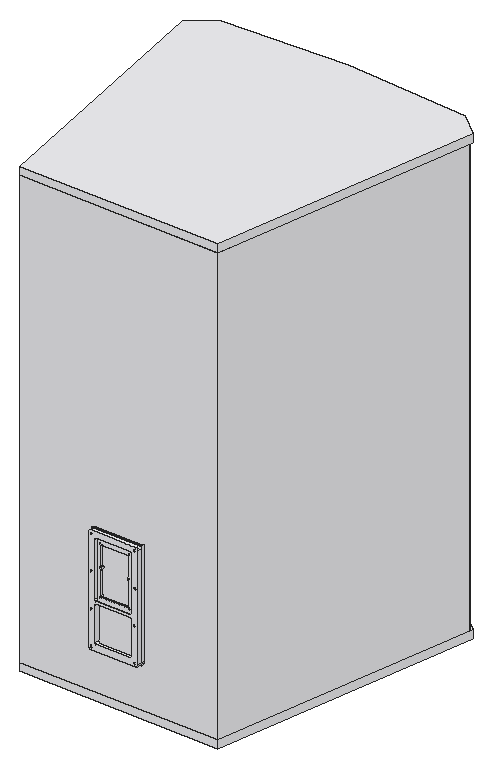
Revit family "EVC-1122-95", category Communication Devices, Revit 2017
Family settings
  Maintain Annotation Orientation = Yes
  Round Connector Dimension = Use Diameter
  Part Type = Normal
  OmniClass Number = 23.85.10.11.11.21
  OmniClass Title = Speakers
  Work Plane-Based = Yes
  Always vertical = Yes
  Cut with Voids When Loaded = No
  Shared = No
  Room Calculation Point = No
Parameters (values of type "EVC112295W_12"_Speaker_90x55_White")
  Uniclass2015Code = "Pr_60_75_08_02"
  URL = ""
  ProductInformation = "https://www.electrovoice.com/binary/EVC-1122-95_12__speaker_90x55_Datasheet_51_en_27960408331.pdf"
  PlanningTools = "https://www.electrovoice.com/product.php?id=2676"
  ModelNumber = "F.01U.329.286"
  Model = ""
  MaterialRALColour = "RAL9010"
  ManufacturerURL = "https://www.electrovoice.com"
  Manufacturer = "Electro Voice"
  LoudspeakerMaterial = 13-plyWeather-resistantBirchEVCoat -RAL9010
  Default Elevation = 0.00 mm
  Width = 395.10 mm  # constant formula
  InstallationManual = "https://www.electrovoice.com/binary/EVC-1122-95_12__speaker_90x55_Datasheet_51_en_27960408331.pdf"
  IfcExportType = "IfcBuildingElementProxyType"
  IfcExportAs = "IfcBuildingElementProxy"
  Length = 616.30 mm  # constant formula
  GrillMaterial = 16GA Powder-coatedGalvanneal - W
  Disclaimer = "http://resource.boschsecurity.com/information/BIM/Disclaimer_Electrovoice.pdf"
  Description = "12-inch, two-way loudspeaker, with 90˚ x 55˚ constant directivity, rotatable waveguide. Power rating: 300 W Continuous, (1200 Peak). Passive system: 95 dB, 126 dB maximum. Gland nut cover and stainless steel grille on PI versions. Optional high quality transformer and patented. Automatic Saturation Control (ASC) preserve low end in 70V/100V lines."
  Depth = 400.60 mm  # constant formula
  CTN = "EVC112295W"
  ArchitectsAndEngineersSpecs = "https://www.electrovoice.com/binary/EVC-1122-95_12__speaker_90x55_Datasheet_51_en_27960408331.pdf"
Reference planes
  plane 1 "Center (Front/Back)": y = 0
  plane 2: z = 0
  plane 3 "Center (Left/Right)": x = 0
Forms (mm)
  Extrusion 1, solid, material "13-plyWeather-resistantBirchEVCoat -RAL9010" <- "LoudspeakerMaterial"
    sketch origin (0.172, 9, 0) x (1, 0, 0) y (0, 1, 0)
      loop
        line (-197.722, 356.6) -> (-134.844, 0) -> (134.5, 0) -> (197.378, 356.6) -> (166.736, 382.312)
        arc (166.736, 382.312) -> (-0.172, 391.6) -> (-167.08, 382.312) r 1504.26
        line (-167.08, 382.312) -> (-197.722, 356.6)
    from 0 to 10
  Extrusion 2, solid, material "13-plyWeather-resistantBirchEVCoat -RAL9010" <- "LoudspeakerMaterial"
    sketch origin (0.172, 9, 0) x (1, 0, 0) y (0, 1, 0)
      loop
        line (-134.844, 0) -> (134.5, 0) -> (196.496, 351.6) -> (191.419, 351.6) -> (130.304, 5) -> (-130.648, 5) -> (-191.763, 351.6) -> (-196.84, 351.6) -> (-134.844, 0)
    from 10 to 606.3
  Extrusion 3, solid, material "16GA Powder-coatedGalvanneal - W" <- "GrillMaterial"
    sketch origin (0.172, 9, 0) x (1, 0, 0) y (0, 1, 0)
      loop
        line (-194.302, 351.6) -> (-191.763, 351.6) -> (-192.297, 354.625) -> (-165.025, 377.509)
        arc (-165.025, 377.509) -> (-0.172, 386.6) -> (164.681, 377.509) r 1499.26
        line (164.681, 377.509) -> (191.953, 354.625) -> (191.419, 351.6) -> (193.958, 351.6) -> (194.665, 355.613) -> (165.708, 379.911)
        arc (165.708, 379.911) -> (-0.172, 389.1) -> (-166.052, 379.911) r 1501.76
        line (-166.052, 379.911) -> (-195.009, 355.613) -> (-194.302, 351.6)
    from 5 to 611.3
  Extrusion 4, solid, material "13-plyWeather-resistantBirchEVCoat -RAL9010" <- "LoudspeakerMaterial"
    sketch origin (0.172, 9, 606.3) x (0, -1, 0) y (1, 0, 0)
      loop
        line (-356.6, -197.722) -> (0, -134.844) -> (0, 134.5) -> (-356.6, 197.378) -> (-382.312, 166.736)
        arc (-382.312, 166.736) -> (-391.6, -0.172) -> (-382.312, -167.08) r 1504.26
        line (-382.312, -167.08) -> (-356.6, -197.722)
    from 0 to 10
Dimensions and locks
  "Length": Extrusion 1 to Extrusion 4
  "Depth": plane 1 "Center (Front/Back)" to Extrusion 4
  equal spacing: Extrusion 4, plane 3 "Center (Left/Right)", Extrusion 4
  "Width": Extrusion 4 to Extrusion 4
  aligned and locked: plane 2 to level
Automatic sketch dimensions
  Extrusion 1 sketch curve to plane 3 "Center (Left/Right)" = 0.00 mm
  Extrusion 1 sketch curve to plane 1 "Center (Front/Back)" = 9.00 mm
  Extrusion 1 sketch curve to plane 3 "Center (Left/Right)" = 134.672 mm
  Extrusion 1 sketch curve to plane 3 "Center (Left/Right)" = 166.908 mm
  Extrusion 1 sketch curve to Extrusion 1 sketch curve = 30.642 mm  (x2)
  plane 3 "Center (Left/Right)" to Extrusion 1 sketch curve = 134.672 mm
  plane 3 "Center (Left/Right)" to Extrusion 1 sketch curve = 166.908 mm
  plane 1 "Center (Front/Back)" to Extrusion 1 sketch curve = 1103.66 mm
  Extrusion 1 sketch curve to Extrusion 1 sketch curve = 356.60 mm  (x2)
  Extrusion 1 sketch curve to Extrusion 1 sketch curve = 25.712 mm
  Extrusion 2 sketch curve to plane 3 "Center (Left/Right)" = 196.668 mm
  Extrusion 2 sketch curve to Extrusion 2 sketch curve = 5.077 mm  (x2)
  Extrusion 2 sketch curve to plane 1 "Center (Front/Back)" = 9.00 mm
  Extrusion 2 sketch curve to plane 3 "Center (Left/Right)" = 134.672 mm
  Extrusion 2 sketch curve to plane 1 "Center (Front/Back)" = 14.00 mm
  Extrusion 2 sketch curve to Extrusion 2 sketch curve = 4.195 mm  (x2)
  plane 3 "Center (Left/Right)" to Extrusion 2 sketch curve = 130.476 mm
  plane 3 "Center (Left/Right)" to Extrusion 2 sketch curve = 191.591 mm
  Extrusion 2 sketch curve to Extrusion 2 sketch curve = 346.60 mm  (x2)
  Extrusion 3 sketch curve to Extrusion 3 sketch curve = 0.00 mm  (x2)
  Extrusion 3 sketch curve to plane 3 "Center (Left/Right)" = 0.00 mm
  Extrusion 3 sketch curve to plane 3 "Center (Left/Right)" = 164.853 mm
  Extrusion 3 sketch curve to Extrusion 3 sketch curve = 1.027 mm  (x2)
  Extrusion 3 sketch curve to Extrusion 3 sketch curve = 26.738 mm  (x2)
  Extrusion 3 sketch curve to Extrusion 3 sketch curve = 0.533 mm  (x2)
  Extrusion 3 sketch curve to Extrusion 3 sketch curve = 2.539 mm  (x2)
  Extrusion 3 sketch curve to Extrusion 3 sketch curve = 2.713 mm  (x2)
  plane 3 "Center (Left/Right)" to Extrusion 3 sketch curve = 164.853 mm
  plane 1 "Center (Front/Back)" to Extrusion 3 sketch curve = 1103.66 mm
  Extrusion 3 sketch curve to plane 1 "Center (Front/Back)" = 360.60 mm  (x2)
  Extrusion 3 sketch curve to Extrusion 3 sketch curve = 3.025 mm  (x2)
  Extrusion 3 sketch curve to Extrusion 3 sketch curve = 0.987 mm  (x2)
  Extrusion 3 sketch curve to Extrusion 3 sketch curve = 22.884 mm
  Extrusion 3 sketch curve to Extrusion 3 sketch curve = 2.401 mm
  Extrusion 4 sketch curve to plane 3 "Center (Left/Right)" = 0.00 mm
  Extrusion 4 sketch curve to plane 1 "Center (Front/Back)" = 391.312 mm
  Extrusion 4 sketch curve to plane 3 "Center (Left/Right)" = 166.908 mm
  Extrusion 4 sketch curve to Extrusion 4 sketch curve = 0.00 mm
  Extrusion 4 sketch curve to Extrusion 4 sketch curve = 25.712 mm  (x2)
  Extrusion 4 sketch curve to plane 1 "Center (Front/Back)" = 9.00 mm
  plane 1 "Center (Front/Back)" to Extrusion 4 sketch curve = 1103.66 mm
  Extrusion 4 sketch curve to Extrusion 4 sketch curve = 30.642 mm  (x2)
  Extrusion 4 sketch curve to plane 3 "Center (Left/Right)" = 134.672 mm
  plane 3 "Center (Left/Right)" to Extrusion 4 sketch curve = 134.672 mm
Nested families
  nested 1: "2D_CabinetLoudspeaker" at (0, 0, 0) x (-1, 0, 0) z (0, 0, 1), type "LoudSpeaker"
    with Pan2D 0.00°
  nested 2: "InputPanel_small" at (-33.614, 10, 140) x (0, 0, -1) z (1, 0, 0), LoudspeakerMaterial <- "LoudspeakerMaterial", type "InputPanel_small"
    with LoudspeakerMaterial 13-plyWeather-resistantBirchEVCoat -RAL9010
  nested 3: "L-EV" at (0.172, 397.85, 95) x (-1, 0, 0) z (0, 0, 1), type "L-EV"
Connectors
  electrical at (-0.023, 5, 167.216)
    settings: on nested 2, index 1, voltage 0 V, apparent load 0 VA, apparent load phase1 0 VA, apparent load phase2 0 VA, apparent load phase3 0 VA, power factor 1, load classification "Other", number of poles 1, system type 31, power factor state 1, is connector primary yes, connector utility no, sub classification motor no, connector description ""
Definition of nested family "InputPanel_small"
  Parameters (values of type "InputPanel_small")
    Material = ""
    LoudspeakerMaterial [instance] = none
    Default Elevation = 1219.20 mm
  Reference planes
    plane 1 "Center (Front/Back)": y = 0
    plane 2: z = 0
    plane 3 "Center (Left/Right)": x = 0
  Forms (mm)
    Extrusion 1, solid, material <- "LoudspeakerMaterial", not visible
      sketch origin (-97.521, -0.5, 198.121) x (-1, 0, 0) y (0, 0, -1)
        loop
          arc (-169.642, 198.043) -> (-170.257, 197.789) -> (-170.511, 197.174) r 0.869
          line (-170.511, 197.174) -> (-170.511, 131.84)
          arc (-170.511, 131.84) -> (-170.257, 131.226) -> (-169.642, 130.971) r 0.869
          line (-169.642, 130.971) -> (-25.396, 130.971)
          arc (-25.396, 130.971) -> (-24.782, 131.226) -> (-24.527, 131.84) r 0.869
          line (-24.527, 131.84) -> (-24.527, 197.174)
          arc (-24.527, 197.174) -> (-24.782, 197.789) -> (-25.396, 198.043) r 0.869
          line (-25.396, 198.043) -> (-169.642, 198.043)
      from 0 to -0.5
    Extrusion 2, solid, material <- "LoudspeakerMaterial", detail levels medium+fine
      sketch origin (1.214, 0, 125.108) x (-1, 0, 0) y (0, 0, -1)
        loop
          line (70.917, 125.031) -> (-68.488, 125.031)
          arc (-68.488, 125.031) -> (-70.813, 124.068) -> (-71.776, 121.743) r 3.288
          line (-71.776, 121.743) -> (-71.776, 61.229)
          arc (-71.776, 61.229) -> (-70.921, 59.026) -> (-68.815, 57.959) r 3.288
          line (-68.815, 57.959) -> (70.925, 57.959)
          arc (70.925, 57.959) -> (73.25, 58.922) -> (74.212, 61.247) r 3.288
          line (74.212, 61.247) -> (74.205, 121.743)
          arc (74.205, 121.743) -> (73.242, 124.068) -> (70.917, 125.031) r 3.288
        loop
          line (-16.102, 116.673) -> (-61.46, 116.673)
          arc (-61.46, 116.673) -> (-63.304, 115.909) -> (-64.067, 114.066) r 2.607
          line (-64.067, 114.066) -> (-64.067, 69.267)
          arc (-64.067, 69.267) -> (-63.304, 67.424) -> (-61.46, 66.66) r 2.607
          line (-61.46, 66.66) -> (-16.102, 66.658)
          arc (-16.102, 66.658) -> (-14.259, 67.424) -> (-13.495, 69.267) r 2.607
          line (-13.495, 69.267) -> (-13.495, 114.066)
          arc (-13.495, 114.066) -> (-14.259, 115.909) -> (-16.102, 116.673) r 2.607
        loop
          line (64.151, 116.673) -> (-8.801, 116.673)
          arc (-8.801, 116.673) -> (-10.645, 115.909) -> (-11.408, 114.066) r 2.607
          line (-11.408, 114.066) -> (-11.408, 69.267)
          arc (-11.408, 69.267) -> (-10.645, 67.424) -> (-8.801, 66.66) r 2.607
          line (-8.801, 66.66) -> (64.151, 66.658)
          arc (64.151, 66.658) -> (65.994, 67.424) -> (66.758, 69.267) r 2.607
          line (66.758, 69.267) -> (66.758, 114.066)
          arc (66.758, 114.066) -> (65.994, 115.909) -> (64.151, 116.673) r 2.607
        loop
          circle (-67.83, 121.068) r 1.368
        loop
          circle (-21.853, 121.068) r 1.368
        loop
          circle (24.255, 121.068) r 1.368
        loop
          circle (69.993, 121.068) r 1.368
        loop
          circle (-67.961, 61.771) r 1.368
        loop
          circle (-21.984, 61.771) r 1.368
        loop
          circle (24.124, 61.771) r 1.368
        loop
          circle (69.862, 61.771) r 1.368
      from 0 to 10
    Extrusion 3, solid, material <- "LoudspeakerMaterial", detail levels fine
      sketch origin (25.655, 0, 118.331) x (-1, 0, 0) y (0, 0, -1)
        loop
          arc (15.45, 109.952) -> (13.605, 109.187) -> (12.84, 107.342) r 2.61
          line (12.84, 107.342) -> (12.84, 62.493)
          arc (12.84, 62.493) -> (13.606, 60.646) -> (15.45, 59.881) r 2.61
          line (15.45, 59.881) -> (88.485, 59.883)
          arc (88.485, 59.883) -> (90.33, 60.647) -> (91.094, 62.493) r 2.61
          line (91.094, 62.493) -> (91.094, 107.342)
          arc (91.094, 107.342) -> (90.33, 109.187) -> (88.485, 109.952) r 2.61
          line (88.485, 109.952) -> (15.45, 109.952)
        loop
          line (53.049, 104.094) -> (20.673, 104.09)
          arc (20.673, 104.09) -> (20.25, 103.216) -> (19.475, 102.633) r 2.061
          line (19.475, 102.633) -> (19.479, 66.839)
          arc (19.479, 66.839) -> (20.255, 66.255) -> (20.677, 65.382) r 2.061
          line (20.677, 65.382) -> (53.053, 65.386)
          arc (53.053, 65.386) -> (55.067, 67.012) -> (57.082, 65.386) r 2.061
          line (57.082, 65.386) -> (82.875, 65.389)
          arc (82.875, 65.389) -> (83.297, 66.263) -> (84.073, 66.847) r 2.061
          line (84.073, 66.847) -> (84.068, 102.641)
          arc (84.068, 102.641) -> (83.293, 103.224) -> (82.87, 104.098) r 2.061
          line (82.87, 104.098) -> (57.077, 104.095)
          arc (57.077, 104.095) -> (55.063, 102.469) -> (53.049, 104.094) r 2.061
        loop
          circle (55.063, 104.529) r 0.832
        loop
          circle (55.063, 64.893) r 0.832
        loop
          circle (84.767, 104.529) r 0.832
        loop
          circle (84.767, 64.893) r 0.832
        loop
          circle (18.835, 104.529) r 0.832
        loop
          circle (18.835, 64.893) r 0.832
      from 7.5 to 5
    Extrusion 4, solid, material <- "LoudspeakerMaterial"
      sketch origin (1.214, 0, 125.108) x (-1, 0, 0) y (0, 0, -1)
        loop
          line (-71.776, 125.031) -> (-71.776, 57.959) -> (74.213, 57.959) -> (74.205, 125.031) -> (-71.776, 125.031)
      from 0 to 4.337
  Lines and regions (mm)
    model lines, not visible
      curve 1: arc (59.415, -9.5, 70.232) -> (59.756, -9.5, 68.636) -> (60.858, -9.5, 67.432) r 3.109
      curve 2: arc (59.414, -9.5, 82.845) -> (59.754, -9.5, 81.249) -> (60.857, -9.5, 80.045) r 3.109
      curve 3: arc (59.417, -9.5, 63.926) -> (59.752, -9.5, 62.34) -> (60.84, -9.5, 61.139) r 3.108
      curve 4: arc (59.415, -9.5, 76.539) -> (59.75, -9.5, 74.953) -> (60.838, -9.5, 73.752) r 3.108
      curve 5: arc (60.711, -9.5, 72.945) -> (59.72, -9.5, 71.753) -> (59.414, -9.5, 70.232) r 3.166
      curve 6: arc (60.71, -9.5, 85.557) -> (59.718, -9.5, 84.365) -> (59.412, -9.5, 82.845) r 3.166
      curve 7: arc (60.712, -9.5, 66.637) -> (59.721, -9.5, 65.445) -> (59.415, -9.5, 63.926) r 3.165
      curve 8: arc (60.71, -9.5, 79.25) -> (59.72, -9.5, 78.058) -> (59.414, -9.5, 76.539) r 3.165
      curve 9: arc (59.062, -9.5, 76.539) -> (58.721, -9.5, 78.135) -> (57.618, -9.5, 79.339) r 3.109
      curve 10: arc (59.063, -9.5, 63.926) -> (58.723, -9.5, 65.522) -> (57.62, -9.5, 66.726) r 3.109
      curve 11: arc (59.06, -9.5, 82.845) -> (58.725, -9.5, 84.431) -> (57.637, -9.5, 85.632) r 3.108
      curve 12: arc (59.062, -9.5, 70.232) -> (58.726, -9.5, 71.818) -> (57.638, -9.5, 73.019) r 3.108
      curve 13: arc (57.765, -9.5, 73.826) -> (58.757, -9.5, 75.018) -> (59.063, -9.5, 76.539) r 3.166
      curve 14: arc (57.767, -9.5, 61.214) -> (58.758, -9.5, 62.406) -> (59.065, -9.5, 63.926) r 3.166
      curve 15: arc (57.765, -9.5, 80.134) -> (58.756, -9.5, 81.326) -> (59.062, -9.5, 82.845) r 3.165
      curve 16: arc (57.767, -9.5, 67.521) -> (58.757, -9.5, 68.713) -> (59.063, -9.5, 70.232) r 3.165
      curve 17: arc (62.678, -9.5, 67.687) -> (63.752, -9.5, 68.757) -> (64.103, -9.5, 70.233) r 2.775
      curve 18: arc (63.369, -9.5, 67.367) -> (64.444, -9.5, 68.62) -> (64.794, -9.5, 70.233) r 3.371
      curve 19: arc (62.678, -9.5, 67.687) -> (62.999, -9.5, 67.474) -> (63.369, -9.5, 67.367) r 1.273
      curve 20: arc (62.676, -9.5, 80.299) -> (63.75, -9.5, 81.37) -> (64.101, -9.5, 82.846) r 2.775
      curve 21: arc (63.368, -9.5, 79.98) -> (64.442, -9.5, 81.233) -> (64.793, -9.5, 82.846) r 3.371
      curve 22: arc (62.676, -9.5, 80.299) -> (62.998, -9.5, 80.087) -> (63.368, -9.5, 79.98) r 1.273
      curve 23: arc (62.679, -9.5, 61.381) -> (63.752, -9.5, 62.452) -> (64.103, -9.5, 63.927) r 2.774
      curve 24: arc (63.37, -9.5, 61.062) -> (64.444, -9.5, 62.315) -> (64.794, -9.5, 63.927) r 3.37
      curve 25: arc (62.679, -9.5, 61.381) -> (63, -9.5, 61.169) -> (63.37, -9.5, 61.062) r 1.273
      curve 26: arc (62.677, -9.5, 73.994) -> (63.751, -9.5, 75.064) -> (64.101, -9.5, 76.539) r 2.774
      curve 27: arc (63.369, -9.5, 73.675) -> (64.442, -9.5, 74.927) -> (64.793, -9.5, 76.539) r 3.37
      curve 28: arc (62.677, -9.5, 73.994) -> (62.998, -9.5, 73.781) -> (63.369, -9.5, 73.675) r 1.273
      curve 29: arc (64.103, -9.5, 70.233) -> (63.752, -9.5, 71.708) -> (62.677, -9.5, 72.779) r 2.775
      curve 30: arc (63.369, -9.5, 73.098) -> (62.999, -9.5, 72.992) -> (62.677, -9.5, 72.779) r 1.273
      curve 31: arc (64.794, -9.5, 70.233) -> (64.443, -9.5, 71.846) -> (63.369, -9.5, 73.098) r 3.371
      curve 32: arc (64.101, -9.5, 82.846) -> (63.75, -9.5, 84.321) -> (62.676, -9.5, 85.392) r 2.775
      curve 33: arc (63.367, -9.5, 85.711) -> (62.997, -9.5, 85.604) -> (62.676, -9.5, 85.392) r 1.273
      curve 34: arc (64.793, -9.5, 82.846) -> (64.442, -9.5, 84.458) -> (63.367, -9.5, 85.711) r 3.371
      curve 35: arc (64.103, -9.5, 63.927) -> (63.752, -9.5, 65.401) -> (62.678, -9.5, 66.472) r 2.774
      curve 36: arc (63.37, -9.5, 66.791) -> (62.999, -9.5, 66.684) -> (62.678, -9.5, 66.472) r 1.273
      curve 37: arc (64.794, -9.5, 63.927) -> (64.444, -9.5, 65.539) -> (63.37, -9.5, 66.791) r 3.37
      curve 38: arc (64.101, -9.5, 76.539) -> (63.75, -9.5, 78.014) -> (62.676, -9.5, 79.084) r 2.774
      curve 39: arc (63.368, -9.5, 79.404) -> (62.998, -9.5, 79.297) -> (62.676, -9.5, 79.084) r 1.273
      curve 40: arc (64.793, -9.5, 76.539) -> (64.442, -9.5, 78.151) -> (63.368, -9.5, 79.404) r 3.37
      curve 41: arc (59.627, -9.5, 63.926) -> (59.978, -9.5, 62.451) -> (61.052, -9.5, 61.381) r 2.774
      curve 42: arc (61.051, -9.5, 66.471) -> (59.977, -9.5, 65.401) -> (59.627, -9.5, 63.926) r 2.774
      curve 43: arc (59.625, -9.5, 70.232) -> (59.976, -9.5, 68.757) -> (61.051, -9.5, 67.686) r 2.775
      curve 44: arc (61.05, -9.5, 72.779) -> (59.976, -9.5, 71.708) -> (59.625, -9.5, 70.232) r 2.775
      curve 45: arc (59.625, -9.5, 76.539) -> (59.976, -9.5, 75.064) -> (61.05, -9.5, 73.994) r 2.774
      curve 46: arc (61.049, -9.5, 79.084) -> (59.976, -9.5, 78.014) -> (59.625, -9.5, 76.539) r 2.774
      curve 47: arc (59.624, -9.5, 82.845) -> (59.975, -9.5, 81.37) -> (61.049, -9.5, 80.299) r 2.775
      curve 48: arc (61.049, -9.5, 85.391) -> (59.975, -9.5, 84.321) -> (59.624, -9.5, 82.845) r 2.775
      curve 49: arc (65.487, -9.5, 67.368) -> (66.537, -9.5, 68.57) -> (66.91, -9.5, 70.123) r 3.348
      curve 50: arc (65.485, -9.5, 79.98) -> (66.535, -9.5, 81.183) -> (66.909, -9.5, 82.735) r 3.348
      curve 51: arc (66.91, -9.5, 70.344) -> (66.536, -9.5, 71.896) -> (65.486, -9.5, 73.099) r 3.348
      curve 52: arc (66.909, -9.5, 82.956) -> (66.535, -9.5, 84.509) -> (65.485, -9.5, 85.711) r 3.348
      curve 53: arc (65.488, -9.5, 61.062) -> (66.543, -9.5, 62.278) -> (66.911, -9.5, 63.846) r 3.353
      curve 54: arc (65.486, -9.5, 73.675) -> (66.542, -9.5, 74.891) -> (66.909, -9.5, 76.458) r 3.353
      curve 55: arc (66.911, -9.5, 64.008) -> (66.543, -9.5, 65.576) -> (65.487, -9.5, 66.791) r 3.353
      curve 56: arc (66.909, -9.5, 76.621) -> (66.542, -9.5, 78.189) -> (65.485, -9.5, 79.404) r 3.353
      curve 57: arc (61.368, -9.5, 70.233) -> (61.701, -9.5, 68.86) -> (62.728, -9.5, 67.892) r 2.482
      curve 58: arc (61.369, -9.5, 63.926) -> (61.702, -9.5, 62.554) -> (62.729, -9.5, 61.585) r 2.482
      curve 59: arc (61.777, -9.5, 65.419) -> (61.47, -9.5, 64.701) -> (61.369, -9.5, 63.926) r 2.857
      curve 60: arc (62.453, -9.5, 65.577) -> (62.398, -9.5, 65.499) -> (62.347, -9.5, 65.419) r 2.446
      curve 61: arc (61.777, -9.5, 71.725) -> (61.469, -9.5, 71.007) -> (61.368, -9.5, 70.233) r 2.857
      curve 62: arc (62.452, -9.5, 71.883) -> (62.398, -9.5, 71.805) -> (62.346, -9.5, 71.725) r 2.446
      curve 63: arc (61.367, -9.5, 76.539) -> (61.7, -9.5, 75.167) -> (62.727, -9.5, 74.198) r 2.482
      curve 64: arc (61.367, -9.5, 82.845) -> (61.699, -9.5, 81.473) -> (62.727, -9.5, 80.504) r 2.482
      curve 65: arc (61.776, -9.5, 78.031) -> (61.469, -9.5, 77.313) -> (61.367, -9.5, 76.539) r 2.857
      curve 66: arc (62.452, -9.5, 78.19) -> (62.397, -9.5, 78.112) -> (62.345, -9.5, 78.032) r 2.446
      curve 67: arc (61.775, -9.5, 84.338) -> (61.468, -9.5, 83.62) -> (61.367, -9.5, 82.845) r 2.857
      curve 68: arc (62.451, -9.5, 84.496) -> (62.396, -9.5, 84.418) -> (62.345, -9.5, 84.338) r 2.446
      curve 69: arc (55.799, -9.5, 79.084) -> (54.725, -9.5, 78.014) -> (54.374, -9.5, 76.538) r 2.775
      curve 70: arc (55.107, -9.5, 79.404) -> (54.033, -9.5, 78.151) -> (53.682, -9.5, 76.538) r 3.371
      curve 71: arc (55.799, -9.5, 79.084) -> (55.478, -9.5, 79.297) -> (55.107, -9.5, 79.404) r 1.273
      curve 72: arc (55.8, -9.5, 66.472) -> (54.726, -9.5, 65.401) -> (54.376, -9.5, 63.925) r 2.775
      curve 73: arc (55.109, -9.5, 66.791) -> (54.035, -9.5, 65.538) -> (53.684, -9.5, 63.925) r 3.371
      curve 74: arc (55.8, -9.5, 66.472) -> (55.479, -9.5, 66.684) -> (55.109, -9.5, 66.791) r 1.273
      curve 75: arc (55.798, -9.5, 85.39) -> (54.725, -9.5, 84.319) -> (54.374, -9.5, 82.844) r 2.774
      curve 76: arc (55.107, -9.5, 85.709) -> (54.033, -9.5, 84.456) -> (53.682, -9.5, 82.844) r 3.37
      curve 77: arc (55.798, -9.5, 85.39) -> (55.477, -9.5, 85.602) -> (55.107, -9.5, 85.709) r 1.273
      curve 78: arc (55.8, -9.5, 72.777) -> (54.726, -9.5, 71.707) -> (54.376, -9.5, 70.232) r 2.774
      curve 79: arc (55.108, -9.5, 73.096) -> (54.034, -9.5, 71.844) -> (53.684, -9.5, 70.232) r 3.37
      curve 80: arc (55.8, -9.5, 72.777) -> (55.478, -9.5, 72.99) -> (55.108, -9.5, 73.096) r 1.273
      curve 81: arc (54.374, -9.5, 76.538) -> (54.725, -9.5, 75.063) -> (55.8, -9.5, 73.992) r 2.775
      curve 82: arc (55.108, -9.5, 73.673) -> (55.478, -9.5, 73.779) -> (55.8, -9.5, 73.992) r 1.273
      curve 83: arc (53.682, -9.5, 76.538) -> (54.033, -9.5, 74.925) -> (55.108, -9.5, 73.673) r 3.371
      curve 84: arc (54.376, -9.5, 63.925) -> (54.727, -9.5, 62.45) -> (55.801, -9.5, 61.379) r 2.775
      curve 85: arc (55.11, -9.5, 61.06) -> (55.48, -9.5, 61.167) -> (55.801, -9.5, 61.379) r 1.273
      curve 86: arc (53.684, -9.5, 63.925) -> (54.035, -9.5, 62.313) -> (55.11, -9.5, 61.06) r 3.371
      curve 87: arc (54.374, -9.5, 82.844) -> (54.725, -9.5, 81.369) -> (55.799, -9.5, 80.299) r 2.774
      curve 88: arc (55.107, -9.5, 79.98) -> (55.477, -9.5, 80.087) -> (55.799, -9.5, 80.299) r 1.273
      curve 89: arc (53.682, -9.5, 82.844) -> (54.033, -9.5, 81.232) -> (55.107, -9.5, 79.98) r 3.37
      curve 90: arc (54.376, -9.5, 70.232) -> (54.726, -9.5, 68.757) -> (55.8, -9.5, 67.687) r 2.774
      curve 91: arc (55.109, -9.5, 67.367) -> (55.479, -9.5, 67.474) -> (55.8, -9.5, 67.687) r 1.273
      curve 92: arc (53.684, -9.5, 70.232) -> (54.035, -9.5, 68.62) -> (55.109, -9.5, 67.367) r 3.37
      curve 93: arc (58.85, -9.5, 82.845) -> (58.499, -9.5, 84.32) -> (57.425, -9.5, 85.39) r 2.774
      curve 94: arc (57.426, -9.5, 80.3) -> (58.499, -9.5, 81.37) -> (58.85, -9.5, 82.845) r 2.774
      curve 95: arc (58.851, -9.5, 76.539) -> (58.5, -9.5, 78.014) -> (57.426, -9.5, 79.085) r 2.775
      curve 96: arc (57.427, -9.5, 73.992) -> (58.501, -9.5, 75.063) -> (58.851, -9.5, 76.539) r 2.775
      curve 97: arc (58.852, -9.5, 70.232) -> (58.501, -9.5, 71.707) -> (57.427, -9.5, 72.777) r 2.774
      curve 98: arc (57.427, -9.5, 67.687) -> (58.501, -9.5, 68.757) -> (58.852, -9.5, 70.232) r 2.774
      curve 99: arc (58.853, -9.5, 63.926) -> (58.502, -9.5, 65.401) -> (57.428, -9.5, 66.472) r 2.775
      curve 100: arc (57.428, -9.5, 61.38) -> (58.502, -9.5, 62.45) -> (58.853, -9.5, 63.926) r 2.775
      curve 101: arc (52.99, -9.5, 79.403) -> (51.94, -9.5, 78.2) -> (51.567, -9.5, 76.648) r 3.348
      curve 102: arc (52.991, -9.5, 66.791) -> (51.942, -9.5, 65.588) -> (51.568, -9.5, 64.036) r 3.348
      curve 103: arc (51.567, -9.5, 76.427) -> (51.94, -9.5, 74.875) -> (52.991, -9.5, 73.672) r 3.348
      curve 104: arc (51.568, -9.5, 63.815) -> (51.942, -9.5, 62.262) -> (52.992, -9.5, 61.06) r 3.348
      curve 105: arc (52.989, -9.5, 85.709) -> (51.933, -9.5, 84.493) -> (51.566, -9.5, 82.925) r 3.353
      curve 106: arc (52.991, -9.5, 73.096) -> (51.935, -9.5, 71.88) -> (51.567, -9.5, 70.313) r 3.353
      curve 107: arc (51.566, -9.5, 82.763) -> (51.934, -9.5, 81.195) -> (52.99, -9.5, 79.98) r 3.353
      curve 108: arc (51.567, -9.5, 70.15) -> (51.935, -9.5, 68.582) -> (52.991, -9.5, 67.367) r 3.353
      curve 109: arc (57.108, -9.5, 82.845) -> (56.775, -9.5, 84.217) -> (55.748, -9.5, 85.186) r 2.482
      curve 110: arc (57.109, -9.5, 76.538) -> (56.776, -9.5, 77.911) -> (55.749, -9.5, 78.879) r 2.482
      curve 111: arc (56.7, -9.5, 75.046) -> (57.007, -9.5, 75.764) -> (57.109, -9.5, 76.538) r 2.857
      curve 112: arc (56.024, -9.5, 74.888) -> (56.079, -9.5, 74.966) -> (56.131, -9.5, 75.046) r 2.446
      curve 113: arc (56.699, -9.5, 81.352) -> (57.007, -9.5, 82.07) -> (57.108, -9.5, 82.845) r 2.857
      curve 114: arc (56.024, -9.5, 81.194) -> (56.078, -9.5, 81.272) -> (56.13, -9.5, 81.352) r 2.446
      curve 115: arc (57.109, -9.5, 70.232) -> (56.777, -9.5, 71.604) -> (55.749, -9.5, 72.573) r 2.482
      curve 116: arc (57.11, -9.5, 63.926) -> (56.777, -9.5, 65.298) -> (55.75, -9.5, 66.267) r 2.482
      curve 117: arc (56.702, -9.5, 62.433) -> (57.009, -9.5, 63.151) -> (57.11, -9.5, 63.926) r 2.857
      curve 118: arc (56.026, -9.5, 62.275) -> (56.081, -9.5, 62.353) -> (56.132, -9.5, 62.433) r 2.446
      curve 119: arc (56.701, -9.5, 68.739) -> (57.008, -9.5, 69.458) -> (57.109, -9.5, 70.232) r 2.857
      curve 120: arc (56.025, -9.5, 68.581) -> (56.08, -9.5, 68.659) -> (56.131, -9.5, 68.739) r 2.446
      curve 121: spline (77.962, -9.5, 59.963) -> (78.093, -9.5, 59.972) -> (78.223, -9.5, 59.998) -> (78.348, -9.5, 60.04) -> (78.466, -9.5, 60.099) -> (78.576, -9.5, 60.172) -> (78.675, -9.5, 60.259) -> (78.762, -9.5, 60.358) -> (78.835, -9.5, 60.468) -> (78.894, -9.5, 60.586) -> (78.936, -9.5, 60.711) -> (78.962, -9.5, 60.841) -> (78.97, -9.5, 60.972)
      curve 122: spline (78.967, -9.5, 85.803) -> (78.959, -9.5, 85.935) -> (78.933, -9.5, 86.065) -> (78.891, -9.5, 86.19) -> (78.832, -9.5, 86.308) -> (78.759, -9.5, 86.418) -> (78.672, -9.5, 86.517) -> (78.573, -9.5, 86.604) -> (78.463, -9.5, 86.677) -> (78.344, -9.5, 86.735) -> (78.22, -9.5, 86.778) -> (78.09, -9.5, 86.804) -> (77.958, -9.5, 86.812)
      curve 123: spline (40.515, -9.5, 86.808) -> (40.383, -9.5, 86.799) -> (40.254, -9.5, 86.773) -> (40.129, -9.5, 86.731) -> (40.01, -9.5, 86.672) -> (39.901, -9.5, 86.599) -> (39.801, -9.5, 86.512) -> (39.714, -9.5, 86.413) -> (39.641, -9.5, 86.303) -> (39.583, -9.5, 86.185) -> (39.54, -9.5, 86.06) -> (39.515, -9.5, 85.93) -> (39.506, -9.5, 85.799)
      curve 124: spline (39.509, -9.5, 60.97) -> (39.517, -9.5, 60.838) -> (39.543, -9.5, 60.708) -> (39.585, -9.5, 60.583) -> (39.643, -9.5, 60.464) -> (39.717, -9.5, 60.354) -> (39.804, -9.5, 60.255) -> (39.903, -9.5, 60.168) -> (40.013, -9.5, 60.094) -> (40.131, -9.5, 60.036) -> (40.256, -9.5, 59.993) -> (40.386, -9.5, 59.967) -> (40.518, -9.5, 59.959)
      curve 125: spline (40.57, -9.5, 86.753) -> (40.438, -9.5, 86.744) -> (40.309, -9.5, 86.718) -> (40.184, -9.5, 86.676) -> (40.065, -9.5, 86.617) -> (39.956, -9.5, 86.544) -> (39.856, -9.5, 86.457) -> (39.769, -9.5, 86.358) -> (39.696, -9.5, 86.248) -> (39.638, -9.5, 86.13) -> (39.595, -9.5, 86.005) -> (39.57, -9.5, 85.875) -> (39.561, -9.5, 85.744)
      curve 126: spline (39.564, -9.5, 61.023) -> (39.573, -9.5, 60.891) -> (39.598, -9.5, 60.761) -> (39.641, -9.5, 60.636) -> (39.699, -9.5, 60.518) -> (39.773, -9.5, 60.408) -> (39.86, -9.5, 60.309) -> (39.959, -9.5, 60.222) -> (40.069, -9.5, 60.149) -> (40.187, -9.5, 60.091) -> (40.312, -9.5, 60.048) -> (40.441, -9.5, 60.022) -> (40.573, -9.5, 60.014)
      curve 127: spline (78.912, -9.5, 85.748) -> (78.904, -9.5, 85.88) -> (78.878, -9.5, 86.01) -> (78.835, -9.5, 86.134) -> (78.777, -9.5, 86.253) -> (78.704, -9.5, 86.363) -> (78.617, -9.5, 86.462) -> (78.518, -9.5, 86.549) -> (78.408, -9.5, 86.622) -> (78.289, -9.5, 86.68) -> (78.164, -9.5, 86.723) -> (78.035, -9.5, 86.749) -> (77.903, -9.5, 86.757)
      curve 128: spline (77.907, -9.5, 60.018) -> (78.038, -9.5, 60.027) -> (78.168, -9.5, 60.053) -> (78.293, -9.5, 60.095) -> (78.411, -9.5, 60.154) -> (78.521, -9.5, 60.227) -> (78.62, -9.5, 60.314) -> (78.707, -9.5, 60.413) -> (78.78, -9.5, 60.523) -> (78.839, -9.5, 60.641) -> (78.881, -9.5, 60.766) -> (78.907, -9.5, 60.896) -> (78.915, -9.5, 61.027)
      curve 129: line (63.979, -9.5, 70.233) -> (63.818, -9.5, 71.221)
      curve 130: line (63.818, -9.5, 71.221) -> (63.359, -9.5, 72.059)
      curve 131: line (63.359, -9.5, 72.059) -> (62.673, -9.5, 72.618)
      curve 132: line (62.673, -9.5, 72.618) -> (61.864, -9.5, 72.815)
      curve 133: line (61.864, -9.5, 72.815) -> (61.054, -9.5, 72.618)
      curve 134: line (61.054, -9.5, 72.618) -> (60.368, -9.5, 72.058)
      curve 135: line (60.368, -9.5, 72.058) -> (59.91, -9.5, 71.221)
      curve 136: line (59.91, -9.5, 71.221) -> (59.749, -9.5, 70.232)
      curve 137: line (59.749, -9.5, 70.232) -> (59.91, -9.5, 69.244)
      curve 138: line (59.91, -9.5, 69.244) -> (60.369, -9.5, 68.407)
      curve 139: line (60.369, -9.5, 68.407) -> (61.055, -9.5, 67.847)
      curve 140: line (61.055, -9.5, 67.847) -> (61.864, -9.5, 67.651)
      curve 141: line (61.864, -9.5, 67.651) -> (62.674, -9.5, 67.847)
      curve 142: line (62.674, -9.5, 67.847) -> (63.36, -9.5, 68.407)
      curve 143: line (63.36, -9.5, 68.407) -> (63.815, -9.5, 69.238)
      curve 144: line (63.818, -9.5, 69.245) -> (64.103, -9.5, 70.233)
      curve 145: line (64.103, -9.5, 70.233) -> (64.794, -9.5, 70.233)
      curve 146: line (64.794, -9.5, 70.233) -> (66.912, -9.5, 70.233)
      curve 147: line (66.912, -9.5, 70.233) -> (66.911, -9.5, 64.008)
      curve 148: line (63.978, -9.5, 82.846) -> (63.817, -9.5, 83.834)
      curve 149: line (63.817, -9.5, 83.834) -> (63.358, -9.5, 84.671)
      curve 150: line (63.358, -9.5, 84.671) -> (62.672, -9.5, 85.231)
      curve 151: line (62.672, -9.5, 85.231) -> (61.862, -9.5, 85.427)
      curve 152: line (61.862, -9.5, 85.427) -> (61.053, -9.5, 85.231)
      curve 153: line (61.053, -9.5, 85.231) -> (60.367, -9.5, 84.671)
      curve 154: line (60.367, -9.5, 84.671) -> (59.908, -9.5, 83.833)
      curve 155: line (59.908, -9.5, 83.833) -> (59.747, -9.5, 82.845)
      curve 156: line (59.747, -9.5, 82.845) -> (59.908, -9.5, 81.857)
      curve 157: line (59.908, -9.5, 81.857) -> (60.367, -9.5, 81.019)
      curve 158: line (60.367, -9.5, 81.019) -> (61.053, -9.5, 80.46)
      curve 159: line (61.053, -9.5, 80.46) -> (61.863, -9.5, 80.263)
      curve 160: line (61.863, -9.5, 80.263) -> (62.672, -9.5, 80.46)
      curve 161: line (62.672, -9.5, 80.46) -> (63.358, -9.5, 81.02)
      curve 162: line (63.358, -9.5, 81.02) -> (63.813, -9.5, 81.851)
      curve 163: line (63.817, -9.5, 81.857) -> (64.101, -9.5, 82.846)
      curve 164: line (64.101, -9.5, 82.846) -> (64.793, -9.5, 82.846)
      curve 165: line (64.793, -9.5, 82.846) -> (66.91, -9.5, 82.846)
      curve 166: line (66.91, -9.5, 82.846) -> (66.909, -9.5, 76.621)
      curve 167: line (63.98, -9.5, 63.927) -> (63.819, -9.5, 64.915)
      curve 168: line (63.819, -9.5, 64.915) -> (63.36, -9.5, 65.752)
      curve 169: line (63.36, -9.5, 65.752) -> (62.674, -9.5, 66.312)
      curve 170: line (62.674, -9.5, 66.312) -> (61.864, -9.5, 66.508)
      curve 171: line (61.864, -9.5, 66.508) -> (61.055, -9.5, 66.312)
      curve 172: line (61.055, -9.5, 66.312) -> (60.369, -9.5, 65.752)
      curve 173: line (60.369, -9.5, 65.752) -> (59.911, -9.5, 64.914)
      curve 174: line (59.911, -9.5, 64.914) -> (59.75, -9.5, 63.926)
      curve 175: line (59.75, -9.5, 63.926) -> (59.911, -9.5, 62.938)
      curve 176: line (59.911, -9.5, 62.938) -> (60.369, -9.5, 62.1)
      curve 177: line (60.369, -9.5, 62.1) -> (61.056, -9.5, 61.541)
      curve 178: line (61.056, -9.5, 61.541) -> (61.865, -9.5, 61.344)
      curve 179: line (61.865, -9.5, 61.344) -> (62.675, -9.5, 61.541)
      curve 180: line (62.675, -9.5, 61.541) -> (63.361, -9.5, 62.101)
      curve 181: line (63.361, -9.5, 62.101) -> (63.815, -9.5, 62.932)
      curve 182: line (63.819, -9.5, 62.938) -> (64.103, -9.5, 63.927)
      curve 183: line (64.103, -9.5, 63.927) -> (64.794, -9.5, 63.927)
      curve 184: line (64.794, -9.5, 63.927) -> (66.912, -9.5, 63.927)
      curve 185: line (66.912, -9.5, 63.927) -> (66.911, -9.5, 60.774)
      curve 186: line (66.911, -9.5, 60.774) -> (65.488, -9.5, 60.774)
      curve 187: line (65.488, -9.5, 60.774) -> (68.6, -9.5, 60.646)
      curve 188: line (68.6, -9.5, 60.646) -> (68.722, -9.5, 60.469)
      curve 189: line (68.722, -9.5, 60.469) -> (65.589, -9.5, 60.469)
      curve 190: line (65.589, -9.5, 60.469) -> (65.467, -9.5, 60.646)
      curve 191: line (63.978, -9.5, 76.539) -> (63.817, -9.5, 77.527)
      curve 192: line (63.817, -9.5, 77.527) -> (63.359, -9.5, 78.365)
      curve 193: line (63.359, -9.5, 78.365) -> (62.672, -9.5, 78.925)
      curve 194: line (62.672, -9.5, 78.925) -> (61.863, -9.5, 79.121)
      curve 195: line (61.863, -9.5, 79.121) -> (61.054, -9.5, 78.924)
      curve 196: line (61.054, -9.5, 78.924) -> (60.367, -9.5, 78.365)
      curve 197: line (60.367, -9.5, 78.365) -> (59.909, -9.5, 77.527)
      curve 198: line (59.909, -9.5, 77.527) -> (59.748, -9.5, 76.539)
      curve 199: line (59.748, -9.5, 76.539) -> (59.909, -9.5, 75.551)
      curve 200: line (59.909, -9.5, 75.551) -> (60.368, -9.5, 74.713)
      curve 201: line (60.368, -9.5, 74.713) -> (61.054, -9.5, 74.153)
      curve 202: line (61.054, -9.5, 74.153) -> (61.864, -9.5, 73.957)
      curve 203: line (61.864, -9.5, 73.957) -> (62.673, -9.5, 74.153)
      curve 204: line (62.673, -9.5, 74.153) -> (63.359, -9.5, 74.713)
      curve 205: line (63.359, -9.5, 74.713) -> (63.814, -9.5, 75.544)
      curve 206: line (63.818, -9.5, 75.551) -> (64.101, -9.5, 76.539)
      curve 207: line (64.101, -9.5, 76.539) -> (64.793, -9.5, 76.539)
      curve 208: line (64.793, -9.5, 76.539) -> (66.91, -9.5, 76.54)
      curve 209: line (66.91, -9.5, 76.54) -> (66.91, -9.5, 70.344)
      curve 210: line (61.049, -9.5, 85.998) -> (60.837, -9.5, 85.998)
      curve 211: line (60.837, -9.5, 85.998) -> (60.837, -9.5, 85.655)
      curve 212: line (60.916, -9.5, 85.517) -> (61.049, -9.5, 85.391)
      curve 213: line (61.049, -9.5, 85.391) -> (61.049, -9.5, 85.998)
      curve 214: line (61.049, -9.5, 85.998) -> (62.676, -9.5, 85.999)
      curve 215: line (62.676, -9.5, 85.999) -> (62.676, -9.5, 85.392)
      curve 216: line (62.676, -9.5, 79.084) -> (62.676, -9.5, 80.299)
      curve 217: line (62.677, -9.5, 72.779) -> (62.677, -9.5, 73.994)
      curve 218: line (62.678, -9.5, 66.472) -> (62.678, -9.5, 67.687)
      curve 219: line (61.052, -9.5, 60.773) -> (60.84, -9.5, 60.773)
      curve 220: line (60.84, -9.5, 60.773) -> (60.84, -9.5, 61.139)
      curve 221: line (60.918, -9.5, 61.255) -> (61.052, -9.5, 61.381)
      curve 222: line (61.052, -9.5, 61.381) -> (61.052, -9.5, 60.773)
      curve 223: line (61.052, -9.5, 60.773) -> (62.679, -9.5, 60.773)
      curve 224: line (62.679, -9.5, 60.773) -> (62.679, -9.5, 61.381)
      curve 225: line (60.839, -9.5, 66.735) -> (60.842, -9.5, 67.413)
      curve 226: line (60.918, -9.5, 67.56) -> (61.051, -9.5, 67.686)
      curve 227: line (61.051, -9.5, 67.686) -> (61.051, -9.5, 66.471)
      curve 228: line (61.051, -9.5, 66.471) -> (60.918, -9.5, 66.598)
      curve 229: line (61.05, -9.5, 72.779) -> (61.05, -9.5, 73.994)
      curve 230: line (61.05, -9.5, 73.994) -> (60.917, -9.5, 73.867)
      curve 231: line (60.838, -9.5, 73.752) -> (60.838, -9.5, 73.043)
      curve 232: line (60.917, -9.5, 72.905) -> (61.05, -9.5, 72.779)
      curve 233: line (60.838, -9.5, 79.348) -> (60.841, -9.5, 80.026)
      curve 234: line (60.916, -9.5, 80.173) -> (61.049, -9.5, 80.299)
      curve 235: line (61.049, -9.5, 80.299) -> (61.049, -9.5, 79.084)
      curve 236: line (61.049, -9.5, 79.084) -> (60.916, -9.5, 79.21)
      curve 237: line (65.486, -9.5, 73.675) -> (63.369, -9.5, 73.675)
      curve 238: line (63.369, -9.5, 73.675) -> (63.369, -9.5, 73.098)
      curve 239: line (63.369, -9.5, 73.098) -> (65.486, -9.5, 73.099)
      curve 240: line (65.486, -9.5, 73.099) -> (65.486, -9.5, 73.675)
      curve 241: line (65.487, -9.5, 67.368) -> (65.487, -9.5, 66.791)
      curve 242: line (65.487, -9.5, 66.791) -> (63.37, -9.5, 66.791)
      curve 243: line (63.37, -9.5, 66.791) -> (63.369, -9.5, 67.367)
      curve 244: line (63.369, -9.5, 67.367) -> (65.487, -9.5, 67.368)
      curve 245: line (65.485, -9.5, 79.98) -> (65.485, -9.5, 79.404)
      curve 246: line (65.485, -9.5, 79.404) -> (63.368, -9.5, 79.404)
      curve 247: line (63.368, -9.5, 79.404) -> (63.368, -9.5, 79.98)
      curve 248: line (63.368, -9.5, 79.98) -> (65.485, -9.5, 79.98)
      curve 249: line (63.37, -9.5, 60.773) -> (65.488, -9.5, 60.774)
      curve 250: line (65.488, -9.5, 60.774) -> (65.488, -9.5, 61.062)
      curve 251: line (65.488, -9.5, 61.062) -> (63.37, -9.5, 61.062)
      curve 252: line (63.37, -9.5, 61.062) -> (63.37, -9.5, 60.773)
      curve 253: line (63.37, -9.5, 60.773) -> (62.679, -9.5, 60.773)
      curve 254: line (62.676, -9.5, 85.999) -> (63.367, -9.5, 85.999)
      curve 255: line (63.367, -9.5, 85.999) -> (63.367, -9.5, 85.711)
      curve 256: line (63.367, -9.5, 85.711) -> (65.485, -9.5, 85.711)
      curve 257: line (65.485, -9.5, 85.711) -> (65.485, -9.5, 85.999)
      curve 258: line (65.485, -9.5, 85.999) -> (63.367, -9.5, 85.999)
      curve 259: line (63.973, -9.5, 63.722) -> (62.18, -9.5, 65.91)
      curve 260: line (62.18, -9.5, 65.91) -> (62.671, -9.5, 66.243)
      curve 261: line (63.973, -9.5, 70.028) -> (62.179, -9.5, 72.217)
      curve 262: line (62.179, -9.5, 72.217) -> (62.67, -9.5, 72.549)
      curve 263: line (63.946, -9.5, 63.467) -> (62.347, -9.5, 65.419)
      curve 264: line (62.347, -9.5, 65.419) -> (61.777, -9.5, 65.419)
      curve 265: line (61.777, -9.5, 65.419) -> (63.815, -9.5, 62.932)
      curve 266: line (63.945, -9.5, 69.773) -> (62.346, -9.5, 71.725)
      curve 267: line (62.346, -9.5, 71.725) -> (61.777, -9.5, 71.725)
      curve 268: line (61.777, -9.5, 71.725) -> (63.815, -9.5, 69.238)
      curve 269: line (63.945, -9.5, 76.08) -> (62.345, -9.5, 78.032)
      curve 270: line (62.345, -9.5, 78.032) -> (61.776, -9.5, 78.031)
      curve 271: line (61.776, -9.5, 78.031) -> (63.814, -9.5, 75.544)
      curve 272: line (63.972, -9.5, 76.334) -> (62.178, -9.5, 78.523)
      curve 273: line (62.178, -9.5, 78.523) -> (62.669, -9.5, 78.856)
      curve 274: line (63.971, -9.5, 82.641) -> (62.178, -9.5, 84.829)
      curve 275: line (62.178, -9.5, 84.829) -> (62.669, -9.5, 85.162)
      curve 276: line (63.944, -9.5, 82.386) -> (62.345, -9.5, 84.338)
      curve 277: line (62.345, -9.5, 84.338) -> (61.775, -9.5, 84.338)
      curve 278: line (61.775, -9.5, 84.338) -> (63.813, -9.5, 81.851)
      curve 279: line (66.909, -9.5, 82.956) -> (66.908, -9.5, 85.999)
      curve 280: line (66.908, -9.5, 85.999) -> (72.332, -9.5, 86)
      curve 281: line (72.332, -9.5, 86) -> (72.335, -9.5, 60.774)
      curve 282: line (72.335, -9.5, 60.774) -> (66.911, -9.5, 60.774)
      curve 283: line (65.485, -9.5, 85.999) -> (66.908, -9.5, 85.999)
      curve 284: line (72.332, -9.5, 86) -> (72.658, -9.5, 86)
      curve 285: line (72.658, -9.5, 86) -> (72.661, -9.5, 60.775)
      curve 286: line (72.661, -9.5, 60.775) -> (72.335, -9.5, 60.774)
      curve 287: line (72.335, -9.5, 60.774) -> (72.464, -9.5, 60.647)
      curve 288: line (72.464, -9.5, 60.647) -> (72.586, -9.5, 60.47)
      curve 289: line (73.116, -9.5, 67.379) -> (73.115, -9.5, 72.891)
      curve 290: line (73.115, -9.5, 72.891) -> (77.33, -9.5, 72.891)
      curve 291: line (77.33, -9.5, 72.891) -> (77.331, -9.5, 67.379)
      curve 292: line (77.331, -9.5, 67.379) -> (73.116, -9.5, 67.379)
      curve 293: line (77.331, -9.5, 66.783) -> (77.332, -9.5, 61.272)
      curve 294: line (77.332, -9.5, 61.272) -> (73.116, -9.5, 61.271)
      curve 295: line (73.116, -9.5, 61.271) -> (73.116, -9.5, 66.783)
      curve 296: line (73.116, -9.5, 66.783) -> (77.331, -9.5, 66.783)
      curve 297: line (72.661, -9.5, 60.775) -> (77.787, -9.5, 60.775)
      curve 298: line (77.787, -9.5, 60.775) -> (77.784, -9.5, 86)
      curve 299: line (77.784, -9.5, 86) -> (72.658, -9.5, 86)
      curve 300: line (73.114, -9.5, 79.991) -> (73.113, -9.5, 85.503)
      curve 301: line (73.113, -9.5, 85.503) -> (77.329, -9.5, 85.504)
      curve 302: line (77.329, -9.5, 85.504) -> (77.329, -9.5, 79.992)
      curve 303: line (77.329, -9.5, 79.992) -> (73.114, -9.5, 79.991)
      curve 304: line (77.329, -9.5, 79.396) -> (77.33, -9.5, 73.884)
      curve 305: line (77.33, -9.5, 73.884) -> (73.115, -9.5, 73.884)
      curve 306: line (73.115, -9.5, 73.884) -> (73.114, -9.5, 79.396)
      curve 307: line (73.114, -9.5, 79.396) -> (77.329, -9.5, 79.396)
      curve 308: line (73.114, -9.5, 81.158) -> (74.522, -9.5, 81.159)
      curve 309: line (74.522, -9.5, 81.159) -> (74.848, -9.5, 80.47)
      curve 310: line (74.848, -9.5, 80.47) -> (75.233, -9.5, 79.992)
      curve 311: line (73.116, -9.5, 68.546) -> (74.524, -9.5, 68.546)
      curve 312: line (74.524, -9.5, 68.546) -> (74.849, -9.5, 67.858)
      curve 313: line (74.849, -9.5, 67.858) -> (75.235, -9.5, 67.379)
      curve 314: line (73.114, -9.5, 78.229) -> (74.523, -9.5, 78.229)
      curve 315: line (74.523, -9.5, 78.229) -> (74.848, -9.5, 78.917)
      curve 316: line (74.848, -9.5, 78.917) -> (75.233, -9.5, 79.396)
      curve 317: line (73.116, -9.5, 65.616) -> (74.524, -9.5, 65.616)
      curve 318: line (74.524, -9.5, 65.616) -> (74.85, -9.5, 66.304)
      curve 319: line (74.85, -9.5, 66.304) -> (75.235, -9.5, 66.783)
      curve 320: line (73.116, -9.5, 62.239) -> (74.525, -9.5, 62.24)
      curve 321: line (74.525, -9.5, 62.24) -> (74.85, -9.5, 61.552)
      curve 322: line (74.85, -9.5, 61.552) -> (75.076, -9.5, 61.271)
      curve 323: line (73.115, -9.5, 74.852) -> (74.523, -9.5, 74.852)
      curve 324: line (74.523, -9.5, 74.852) -> (74.849, -9.5, 74.164)
      curve 325: line (74.849, -9.5, 74.164) -> (75.074, -9.5, 73.884)
      curve 326: line (73.115, -9.5, 71.922) -> (74.524, -9.5, 71.923)
      curve 327: line (74.524, -9.5, 71.923) -> (74.849, -9.5, 72.611)
      curve 328: line (75.074, -9.5, 72.891) -> (74.849, -9.5, 72.611)
      curve 329: line (74.849, -9.5, 72.611) -> (74.849, -9.5, 67.858)
      curve 330: line (73.114, -9.5, 84.535) -> (74.522, -9.5, 84.535)
      curve 331: line (74.522, -9.5, 84.535) -> (74.847, -9.5, 85.223)
      curve 332: line (74.847, -9.5, 85.223) -> (74.848, -9.5, 80.47)
      curve 333: line (75.073, -9.5, 85.503) -> (74.847, -9.5, 85.223)
      curve 334: line (74.524, -9.5, 65.616) -> (74.525, -9.5, 62.24)
      curve 335: line (74.523, -9.5, 78.229) -> (74.523, -9.5, 74.852)
      curve 336: line (74.524, -9.5, 68.546) -> (74.524, -9.5, 71.923)
      curve 337: line (74.522, -9.5, 81.159) -> (74.522, -9.5, 84.535)
      curve 338: line (72.586, -9.5, 60.208) -> (75.719, -9.5, 60.209)
      curve 339: line (75.719, -9.5, 60.209) -> (75.719, -9.5, 60.47)
      curve 340: line (75.719, -9.5, 60.47) -> (72.586, -9.5, 60.47)
      curve 341: line (72.586, -9.5, 60.47) -> (72.586, -9.5, 60.208)
      curve 342: line (72.586, -9.5, 60.208) -> (72.005, -9.5, 60.208)
      curve 343: line (72.005, -9.5, 60.208) -> (72.005, -9.5, 60.47)
      curve 344: line (72.005, -9.5, 60.47) -> (72.127, -9.5, 60.774)
      curve 345: line (72.464, -9.5, 60.647) -> (75.597, -9.5, 60.647)
      curve 346: line (75.597, -9.5, 60.647) -> (75.719, -9.5, 60.47)
      curve 347: line (76.233, -9.5, 66.783) -> (76.233, -9.5, 61.272)
      curve 348: line (76.231, -9.5, 79.396) -> (76.232, -9.5, 73.884)
      curve 349: line (76.232, -9.5, 72.891) -> (76.233, -9.5, 67.379)
      curve 350: line (76.23, -9.5, 85.504) -> (76.231, -9.5, 79.992)
      curve 351: line (74.85, -9.5, 66.304) -> (74.85, -9.5, 61.552)
      curve 352: line (74.848, -9.5, 78.917) -> (74.849, -9.5, 74.164)
      curve 353: line (65.589, -9.5, 60.469) -> (65.589, -9.5, 60.208)
      curve 354: line (65.589, -9.5, 60.208) -> (65.009, -9.5, 60.207)
      curve 355: line (65.009, -9.5, 60.207) -> (65.009, -9.5, 60.469)
      curve 356: line (65.009, -9.5, 60.469) -> (65.131, -9.5, 60.646)
      curve 357: line (65.589, -9.5, 60.208) -> (68.722, -9.5, 60.208)
      curve 358: line (68.722, -9.5, 60.208) -> (68.722, -9.5, 60.469)
      curve 359: line (54.498, -9.5, 76.538) -> (54.659, -9.5, 75.55)
      curve 360: line (54.659, -9.5, 75.55) -> (55.117, -9.5, 74.712)
      curve 361: line (55.117, -9.5, 74.712) -> (55.804, -9.5, 74.153)
      curve 362: line (55.804, -9.5, 74.153) -> (56.613, -9.5, 73.956)
      curve 363: line (56.613, -9.5, 73.956) -> (57.422, -9.5, 74.153)
      curve 364: line (57.422, -9.5, 74.153) -> (58.109, -9.5, 74.713)
      curve 365: line (58.109, -9.5, 74.713) -> (58.567, -9.5, 75.55)
      curve 366: line (58.567, -9.5, 75.55) -> (58.728, -9.5, 76.539)
      curve 367: line (58.728, -9.5, 76.539) -> (58.567, -9.5, 77.527)
      curve 368: line (58.567, -9.5, 77.527) -> (58.108, -9.5, 78.364)
      curve 369: line (58.108, -9.5, 78.364) -> (57.422, -9.5, 78.924)
      curve 370: line (57.422, -9.5, 78.924) -> (56.612, -9.5, 79.12)
      curve 371: line (56.612, -9.5, 79.12) -> (55.803, -9.5, 78.924)
      curve 372: line (55.803, -9.5, 78.924) -> (55.117, -9.5, 78.364)
      curve 373: line (55.117, -9.5, 78.364) -> (54.662, -9.5, 77.533)
      curve 374: line (54.659, -9.5, 77.526) -> (54.374, -9.5, 76.538)
      curve 375: line (54.374, -9.5, 76.538) -> (53.682, -9.5, 76.538)
      curve 376: line (53.682, -9.5, 76.538) -> (51.565, -9.5, 76.538)
      curve 377: line (51.565, -9.5, 76.538) -> (51.566, -9.5, 82.763)
      curve 378: line (54.499, -9.5, 63.925) -> (54.66, -9.5, 62.937)
      curve 379: line (54.66, -9.5, 62.937) -> (55.119, -9.5, 62.1)
      curve 380: line (55.119, -9.5, 62.1) -> (55.805, -9.5, 61.54)
      curve 381: line (55.805, -9.5, 61.54) -> (56.615, -9.5, 61.344)
      curve 382: line (56.615, -9.5, 61.344) -> (57.424, -9.5, 61.54)
      curve 383: line (57.424, -9.5, 61.54) -> (58.11, -9.5, 62.1)
      curve 384: line (58.11, -9.5, 62.1) -> (58.569, -9.5, 62.938)
      curve 385: line (58.569, -9.5, 62.938) -> (58.729, -9.5, 63.926)
      curve 386: line (58.729, -9.5, 63.926) -> (58.568, -9.5, 64.914)
      curve 387: line (58.568, -9.5, 64.914) -> (58.11, -9.5, 65.752)
      curve 388: line (58.11, -9.5, 65.752) -> (57.423, -9.5, 66.311)
      curve 389: line (57.423, -9.5, 66.311) -> (56.614, -9.5, 66.508)
      curve 390: line (56.614, -9.5, 66.508) -> (55.805, -9.5, 66.311)
      curve 391: line (55.805, -9.5, 66.311) -> (55.118, -9.5, 65.751)
      curve 392: line (55.118, -9.5, 65.751) -> (54.664, -9.5, 64.92)
      curve 393: line (54.66, -9.5, 64.914) -> (54.376, -9.5, 63.925)
      curve 394: line (54.376, -9.5, 63.925) -> (53.684, -9.5, 63.925)
      curve 395: line (53.684, -9.5, 63.925) -> (51.566, -9.5, 63.925)
      curve 396: line (51.566, -9.5, 63.925) -> (51.567, -9.5, 70.15)
      curve 397: line (54.497, -9.5, 82.844) -> (54.658, -9.5, 81.856)
      curve 398: line (54.658, -9.5, 81.856) -> (55.117, -9.5, 81.019)
      curve 399: line (55.117, -9.5, 81.019) -> (55.803, -9.5, 80.459)
      curve 400: line (55.803, -9.5, 80.459) -> (56.612, -9.5, 80.263)
      curve 401: line (56.612, -9.5, 80.263) -> (57.422, -9.5, 80.459)
      curve 402: line (57.422, -9.5, 80.459) -> (58.108, -9.5, 81.019)
      curve 403: line (58.108, -9.5, 81.019) -> (58.566, -9.5, 81.857)
      curve 404: line (58.566, -9.5, 81.857) -> (58.727, -9.5, 82.845)
      curve 405: line (58.727, -9.5, 82.845) -> (58.566, -9.5, 83.833)
      curve 406: line (58.566, -9.5, 83.833) -> (58.107, -9.5, 84.671)
      curve 407: line (58.107, -9.5, 84.671) -> (57.421, -9.5, 85.23)
      curve 408: line (57.421, -9.5, 85.23) -> (56.612, -9.5, 85.427)
      curve 409: line (56.612, -9.5, 85.427) -> (55.802, -9.5, 85.23)
      curve 410: line (55.802, -9.5, 85.23) -> (55.116, -9.5, 84.67)
      curve 411: line (55.116, -9.5, 84.67) -> (54.661, -9.5, 83.839)
      curve 412: line (54.658, -9.5, 83.833) -> (54.374, -9.5, 82.844)
      curve 413: line (54.374, -9.5, 82.844) -> (53.682, -9.5, 82.844)
      curve 414: line (53.682, -9.5, 82.844) -> (51.565, -9.5, 82.844)
      curve 415: line (51.565, -9.5, 82.844) -> (51.565, -9.5, 85.997)
      curve 416: line (54.498, -9.5, 70.232) -> (54.66, -9.5, 69.244)
      curve 417: line (54.66, -9.5, 69.244) -> (55.118, -9.5, 68.406)
      curve 418: line (55.118, -9.5, 68.406) -> (55.804, -9.5, 67.846)
      curve 419: line (55.804, -9.5, 67.846) -> (56.614, -9.5, 67.65)
      curve 420: line (56.614, -9.5, 67.65) -> (57.423, -9.5, 67.847)
      curve 421: line (57.423, -9.5, 67.847) -> (58.109, -9.5, 68.406)
      curve 422: line (58.109, -9.5, 68.406) -> (58.568, -9.5, 69.244)
      curve 423: line (58.568, -9.5, 69.244) -> (58.729, -9.5, 70.232)
      curve 424: line (58.729, -9.5, 70.232) -> (58.568, -9.5, 71.22)
      curve 425: line (58.568, -9.5, 71.22) -> (58.109, -9.5, 72.058)
      curve 426: line (58.109, -9.5, 72.058) -> (57.423, -9.5, 72.618)
      curve 427: line (57.423, -9.5, 72.618) -> (56.613, -9.5, 72.814)
      curve 428: line (56.613, -9.5, 72.814) -> (55.804, -9.5, 72.617)
      curve 429: line (55.804, -9.5, 72.617) -> (55.118, -9.5, 72.058)
      curve 430: line (55.118, -9.5, 72.058) -> (54.663, -9.5, 71.227)
      curve 431: line (54.659, -9.5, 71.22) -> (54.376, -9.5, 70.232)
      curve 432: line (54.376, -9.5, 70.232) -> (53.684, -9.5, 70.232)
      curve 433: line (53.684, -9.5, 70.232) -> (51.566, -9.5, 70.231)
      curve 434: line (51.566, -9.5, 70.231) -> (51.567, -9.5, 76.427)
      curve 435: line (57.428, -9.5, 60.773) -> (57.64, -9.5, 60.773)
      curve 436: line (57.64, -9.5, 60.773) -> (57.64, -9.5, 61.116)
      curve 437: line (57.561, -9.5, 61.254) -> (57.428, -9.5, 61.38)
      curve 438: line (57.428, -9.5, 61.38) -> (57.428, -9.5, 60.773)
      curve 439: line (57.428, -9.5, 60.773) -> (55.801, -9.5, 60.772)
      curve 440: line (55.801, -9.5, 60.772) -> (55.801, -9.5, 61.379)
      curve 441: line (55.8, -9.5, 67.687) -> (55.8, -9.5, 66.472)
      curve 442: line (55.8, -9.5, 73.992) -> (55.8, -9.5, 72.777)
      curve 443: line (55.799, -9.5, 80.299) -> (55.799, -9.5, 79.084)
      curve 444: line (57.425, -9.5, 85.998) -> (57.637, -9.5, 85.998)
      curve 445: line (57.637, -9.5, 85.998) -> (57.637, -9.5, 85.632)
      curve 446: line (57.558, -9.5, 85.516) -> (57.425, -9.5, 85.39)
      curve 447: line (57.425, -9.5, 85.39) -> (57.425, -9.5, 85.998)
      curve 448: line (57.425, -9.5, 85.998) -> (55.798, -9.5, 85.998)
      curve 449: line (55.798, -9.5, 85.998) -> (55.798, -9.5, 85.39)
      curve 450: line (57.638, -9.5, 80.036) -> (57.634, -9.5, 79.358)
      curve 451: line (57.559, -9.5, 79.211) -> (57.426, -9.5, 79.085)
      curve 452: line (57.426, -9.5, 79.085) -> (57.426, -9.5, 80.3)
      curve 453: line (57.426, -9.5, 80.3) -> (57.559, -9.5, 80.173)
      curve 454: line (57.427, -9.5, 73.992) -> (57.427, -9.5, 72.777)
      curve 455: line (57.427, -9.5, 72.777) -> (57.56, -9.5, 72.903)
      curve 456: line (57.638, -9.5, 73.019) -> (57.638, -9.5, 73.728)
      curve 457: line (57.56, -9.5, 73.866) -> (57.427, -9.5, 73.992)
      curve 458: line (57.639, -9.5, 67.423) -> (57.636, -9.5, 66.745)
      curve 459: line (57.561, -9.5, 66.598) -> (57.428, -9.5, 66.472)
      curve 460: line (57.428, -9.5, 66.472) -> (57.427, -9.5, 67.687)
      curve 461: line (57.427, -9.5, 67.687) -> (57.561, -9.5, 67.561)
      curve 462: line (52.991, -9.5, 73.096) -> (55.108, -9.5, 73.096)
      curve 463: line (55.108, -9.5, 73.096) -> (55.108, -9.5, 73.673)
      curve 464: line (55.108, -9.5, 73.673) -> (52.991, -9.5, 73.672)
      curve 465: line (52.991, -9.5, 73.672) -> (52.991, -9.5, 73.096)
      curve 466: line (52.99, -9.5, 79.403) -> (52.99, -9.5, 79.98)
      curve 467: line (52.99, -9.5, 79.98) -> (55.107, -9.5, 79.98)
      curve 468: line (55.107, -9.5, 79.98) -> (55.107, -9.5, 79.404)
      curve 469: line (55.107, -9.5, 79.404) -> (52.99, -9.5, 79.403)
      curve 470: line (52.991, -9.5, 66.791) -> (52.991, -9.5, 67.367)
      curve 471: line (52.991, -9.5, 67.367) -> (55.109, -9.5, 67.367)
      curve 472: line (55.109, -9.5, 67.367) -> (55.109, -9.5, 66.791)
      curve 473: line (55.109, -9.5, 66.791) -> (52.991, -9.5, 66.791)
      curve 474: line (55.107, -9.5, 85.998) -> (52.989, -9.5, 85.997)
      curve 475: line (52.989, -9.5, 85.997) -> (52.989, -9.5, 85.709)
      curve 476: line (52.989, -9.5, 85.709) -> (55.107, -9.5, 85.709)
      curve 477: line (55.107, -9.5, 85.709) -> (55.107, -9.5, 85.998)
      curve 478: line (55.107, -9.5, 85.998) -> (55.798, -9.5, 85.998)
      curve 479: line (55.801, -9.5, 60.772) -> (55.11, -9.5, 60.772)
      curve 480: line (55.11, -9.5, 60.772) -> (55.11, -9.5, 61.06)
      curve 481: line (55.11, -9.5, 61.06) -> (52.992, -9.5, 61.06)
      curve 482: line (52.992, -9.5, 61.06) -> (52.992, -9.5, 60.772)
      curve 483: line (52.992, -9.5, 60.772) -> (55.11, -9.5, 60.772)
